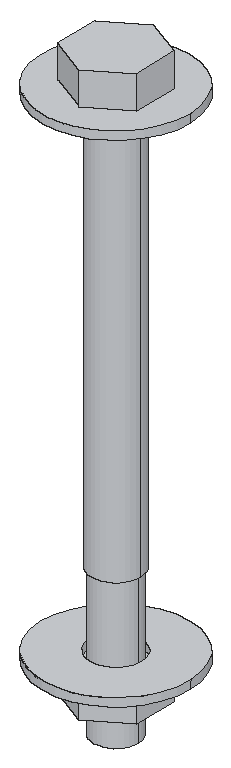
Revit family "Generic ISO Metric Bolt Assembly", category Allgemeines Modell, Revit 2022
Family settings
  Kann Basisbauteil für Bewehrung sein = Nein
  Bemaßung runder Anschluss = Durchmesser verwenden
  Teiletyp = Normal
  Arbeitsebenenbasiert = Ja
  Immer vertikal = Nein
  Beim Laden mit Abzugskörper schneiden = Nein
  Beschriftungsausrichtung beibehalten = Nein
  Gemeinsam genutzt = Nein
  Raumberechnungspunkt = Nein
Parameters
  Default Elevation = 1219.2 mm
  URL = "https://www.b-tu.de/en/fg-kommunikationstechnik/team/staff/prof-dr-ing-habil-matthias-wolff"
  Type Comments = ""
  Thread Material = none
  Shank = yes
  Nominal Diameter = 12 mm
  Material = none
  Hersteller = "Matthias Wolff"  # constant formula
  Grip Length [instance] = 120 mm
  Large Washers [instance] = yes
  Grip = 1 = 1  # yes
  Beschreibung = "ISO metric bolt assembly with washers and nut"  # constant formula
Reference planes
  plane 1 "Mitte (Vorne/hinten)": y = 0
  plane 2: z = 0
  plane 3 "Mitte (Links/rechts)": x = 0
Dimensions and locks
  nested 1 to nested 1 = 120 mm
  nested 1 to nested 1 = 140 mm
  nested 1 to nested 1 = 19 mm
  nested 1 to nested 1 = 12 mm
  aligned and locked: level to plane 2
  aligned and locked: plane 1 "Mitte (Vorne/hinten)" to nested 1
  aligned and locked: nested 1 to plane 2
Nested families
  nested 1: "ISO Metric Bolt Assembly Geometry" at (0, 0, 0), type "generic"
Definition of nested family "ISO Metric Bolt Assembly Geometry"
  Parameters (values of type "generic")
    pg2l = if(LG < 23 mm, 2, if(LG < 100 mm, 5, 10))  # 10
    cu = round((0.1453 * (D / 1 mm) + 0.3479) * pu) / pu * 1 mm  # 2 mm
    cdu3 = 3 * D + round(0) * 1 mm  # 36 mm
    u = cu  # 2 mm
    cdu2 = round(1.8508 * D / 1 mm + 0.7401) * 1 mm  # 23 mm
    cdu1 = if(D < 11 mm, round(10 * 1.0382 * D / 1 mm + 0.1206) / 10 * 1 mm, D + 1 mm)  # 13 mm
    tabG2L = "ISO Metric Bolt Assembly -- Grip to Length"  # constant formula
    s = size_lookup(tabMGeo, "s", cs, D)  # 19 mm
    ck = round(2 * (0.6216 * D / 1 mm + 0.2961)) / 2 * 1 mm  # 8 mm
    g2l = size_lookup(tabG2L, "l", LG + 2 * u + 2 * k, D, round(LG / 1 mm / pg2l) * pg2l * 1 mm)  # 140 mm
    pu = if(D < 10 mm, 10, if(D < 16 mm, 2, 1))  # 2
    pP = if(D < 6 mm, 10, if(D < 14 mm, 4, 2))  # 4
    cd2 = D - 3 * sqrt(3) / 8 * P  # 10.863 mm
    cb4 = 2 * D + 25 mm + round(0) * 1 mm  # 49 mm
    cb3 = 2 * D + 12 mm + round(0) * 1 mm  # 36 mm
    cb2 = 2 * D + 6 mm + round(0) * 1 mm  # 30 mm
    cb = if(Shank, if(l < 125 mm, cb2, if(l < 200 mm, cb3, cb4)), l - ca)  # 36 mm
    ca = round(2 * (0.7122 * (D / 1 mm) ^ 0.7822)) / 2 * 1 mm  # 5 mm
    Default Elevation = 0 mm
    cP = round(0.2365 * (D / 1 mm) ^ 0.7831 * pP) / pP * 1 mm  # 1.75 mm
    URL = "https://www.b-tu.de/en/fg-kommunikationstechnik/team/staff/prof-dr-ing-habil-matthias-wolff"
    P = size_lookup(tabMGeo, "P", cP, D)  # 1.75 mm
    Large Washers = yes
    LG = 120 mm
    cH = sqrt(3) / 2 * P  # 1.516 mm
    Manufacturer = "Matthias Wolff"  # constant formula
    D = 12 mm
    ru1 = cdu1 / 2  # 6.5 mm
    R = D / 2 + round(0) * 1 mm  # 6 mm
    tabMGeo = "ISO Metric Screw Thread"  # constant formula
    g = LG + round(0) * 1 mm  # 120 mm
    cs = round(1.5095 * D / 1 mm + 0.6456) * 1 mm  # 19 mm
    Grip = yes
    Thread Material = none
    Material = none
    l = if(Grip, g2l, LG)  # 140 mm
    r2 = cd2 / 2  # 5.432 mm
    k = size_lookup(tabMGeo, "k", ck, D)  # 8 mm
    ru2 = if(Large Washers, cdu3 / 2, cdu2 / 2)  # 18 mm
    Shank = yes
    Description = "Geometry of an ISO metric bolt assembly with washers and hex cap and nut"  # constant formula
  Reference planes
    plane 1 "Mitte (Vorne/hinten)": y = 0
    plane 2 "Reference plane": z = 0
    plane 3 "Mitte (Links/rechts)": x = 0
    plane 4 "Head bottom": z = 2
    plane 5 "Head top": z = 10
    plane 6 "Lower washer top": z = -120
    plane 7 "Nut top": z = -122
    plane 8 "Nut bottom": z = -130
    plane 9 "Bolt bottom": z = -138
    plane 10 "Shank end": z = -102
    plane 11 "ru1": x = 6.5
    plane 12 "ru2": x = 18
    plane 13 "R": x = 6
    plane 14 "r2": x = 5.432
    plane 15 "Simplified bolt end": z = -138
  Forms (mm)
    Sweep 1, solid, material <- "Material", detail levels medium+fine
      path origin (0, 0, 0) x (1, 0, 0) y (0, 0, 1)
        loop
          line (0, 2) -> (0, 10)
      profile "Hexagonal Profile : generic" origin (0, 0, 6) x (-1, 0, 0) y (0, -1, 0)
        loop
          line (-9.5, 5.485) -> (-9.5, -5.485) -> (0, -10.97) -> (9.5, -5.485) -> (9.5, 5.485) -> (0, 10.97) -> (-9.5, 5.485)
    Sweep 2, solid, material <- "Material", visible <- "Grip", detail levels medium+fine
      path origin (0, 0, -109.5) x (1, 0, 0) y (0, 0, 1)
        loop
          line (0, -20.5) -> (0, -12.5)
      profile "Hexagonal Profile : generic" origin (0, 0, -126) x (-1, 0, 0) y (0, -1, 0)
        loop
          line (-9.5, 5.485) -> (-9.5, -5.485) -> (0, -10.97) -> (9.5, -5.485) -> (9.5, 5.485) -> (0, 10.97) -> (-9.5, 5.485)
    Extrusion 3, void
      sketch origin (0, 0, 0) x (1, 0, 0) y (0, 1, 0)
        loop
          circle (0, 0) r 5.432
      from -130 to -122
    Extrusion 4, solid, material <- "Material", detail levels medium+fine
      sketch origin (0, 0, 0) x (1, 0, 0) y (0, 1, 0)
        loop
          circle (0, 0) r 18
        loop
          circle (0, 0) r 6.5
      from 0 to 2
    Extrusion 5, solid, material <- "Material", visible <- "Grip", detail levels medium+fine
      sketch origin (0, 0, 0) x (1, 0, 0) y (0, 1, 0)
        loop
          circle (0, 0) r 18
        loop
          circle (0, 0) r 6.5
      from -122 to -120
    Extrusion 6, solid, material <- "Material", detail levels fine
      sketch origin (0, 0, 0) x (1, 0, 0) y (0, 1, 0)
        loop
          circle (0, 0) r 6
      from -102 to 2
    Extrusion 7, solid, material <- "Thread Material", detail levels fine
      sketch origin (0, 0, 0) x (1, 0, 0) y (0, 1, 0)
        loop
          circle (0, 0) r 5.432
      from -138 to -102
    Extrusion 8, solid, material <- "Material", visible <- "Grip", detail levels medium
      sketch origin (0, 0, 0) x (1, 0, 0) y (0, 1, 0)
        loop
          circle (0, 0) r 5.432
      from -138 to -122
  Cuts and joins
    Extrusion 3 cuts Sweep 1
    Extrusion 3 cuts Sweep 2
  Dimensions and locks
    "u": plane 4 "Head bottom" to plane 2 "Reference plane"
    "k": plane 5 "Head top" to plane 4 "Head bottom"
    "g": plane 2 "Reference plane" to plane 6 "Lower washer top"
    "u": plane 6 "Lower washer top" to plane 7 "Nut top"
    "k": plane 7 "Nut top" to plane 8 "Nut bottom"
    "l": plane 4 "Head bottom" to plane 9 "Bolt bottom"
    "cb": plane 10 "Shank end" to plane 9 "Bolt bottom"
    "ru1": plane 11 "ru1" to plane 3 "Mitte (Links/rechts)"
    "ru2": plane 12 "ru2" to plane 3 "Mitte (Links/rechts)"
    "R": plane 13 "R" to plane 3 "Mitte (Links/rechts)"
    "r2": plane 14 "r2" to plane 3 "Mitte (Links/rechts)"
    "k": plane 8 "Nut bottom" to plane 15 "Simplified bolt end"
    "r2": radius of Extrusion 3 sketch curve
    "ru2": radius of Extrusion 4 sketch curve
    "ru1": radius of Extrusion 4 sketch curve
    "ru2": radius of Extrusion 5 sketch curve
    "ru1": radius of Extrusion 5 sketch curve
    "R": radius of Extrusion 6 sketch curve
    "r2": radius of Extrusion 7 sketch curve
    "r2": radius of Extrusion 8 sketch curve
    aligned and locked: plane 3 "Mitte (Links/rechts)" to Sweep 1 sketch curve
    aligned and locked: plane 5 "Head top" to Sweep 1 sketch curve
    aligned and locked: plane 3 "Mitte (Links/rechts)" to Extrusion 3 sketch curve
    aligned and locked: plane 1 "Mitte (Vorne/hinten)" to Extrusion 3 sketch curve
    aligned and locked: Extrusion 3 to plane 8 "Nut bottom"
    aligned and locked: plane 7 "Nut top" to Extrusion 3
    aligned and locked: plane 7 "Nut top" to cut or joined group of Sweep 2, Extrusion 3
    aligned and locked: plane 8 "Nut bottom" to Sweep 2 sketch curve
    aligned and locked: plane 4 "Head bottom" to cut or joined group of Sweep 1, Extrusion 3
    aligned and locked: plane 5 "Head top" to cut or joined group of Sweep 1, Extrusion 3
    aligned and locked: plane 8 "Nut bottom" to cut or joined group of Sweep 2, Extrusion 3
    aligned and locked: level to plane 2 "Reference plane"
    aligned and locked: plane 3 "Mitte (Links/rechts)" to Extrusion 4 sketch curve  (x2)
    aligned and locked: plane 1 "Mitte (Vorne/hinten)" to Extrusion 4 sketch curve  (x2)
    aligned and locked: plane 4 "Head bottom" to Extrusion 4
    aligned and locked: Extrusion 4 to plane 2 "Reference plane"
    aligned and locked: plane 3 "Mitte (Links/rechts)" to Extrusion 5 sketch curve  (x2)
    aligned and locked: plane 1 "Mitte (Vorne/hinten)" to Extrusion 5 sketch curve  (x2)
    aligned and locked: plane 6 "Lower washer top" to Extrusion 5
    aligned and locked: Extrusion 5 to plane 7 "Nut top"
    aligned and locked: plane 1 "Mitte (Vorne/hinten)" to Extrusion 6 sketch curve
    aligned and locked: plane 3 "Mitte (Links/rechts)" to Extrusion 6 sketch curve
    aligned and locked: plane 4 "Head bottom" to Extrusion 6
    aligned and locked: Extrusion 6 to plane 10 "Shank end"
    aligned and locked: plane 3 "Mitte (Links/rechts)" to Extrusion 7 sketch curve
    aligned and locked: plane 1 "Mitte (Vorne/hinten)" to Extrusion 7 sketch curve
    aligned and locked: plane 10 "Shank end" to Extrusion 7
    aligned and locked: Extrusion 7 to plane 9 "Bolt bottom"
    aligned and locked: plane 1 "Mitte (Vorne/hinten)" to Extrusion 8 sketch curve
    aligned and locked: Extrusion 8 to plane 15 "Simplified bolt end"
    aligned and locked: plane 7 "Nut top" to Extrusion 8
  Automatic sketch dimensions
    Sweep 1 sketch curve to plane 4 "Head bottom" = 0 mm
    Sweep 2 sketch curve to plane 3 "Mitte (Links/rechts)" = 0 mm
    Sweep 2 sketch curve to plane 7 "Nut top" = 0 mm
    Extrusion 8 sketch curve to plane 3 "Mitte (Links/rechts)" = 0 mm
